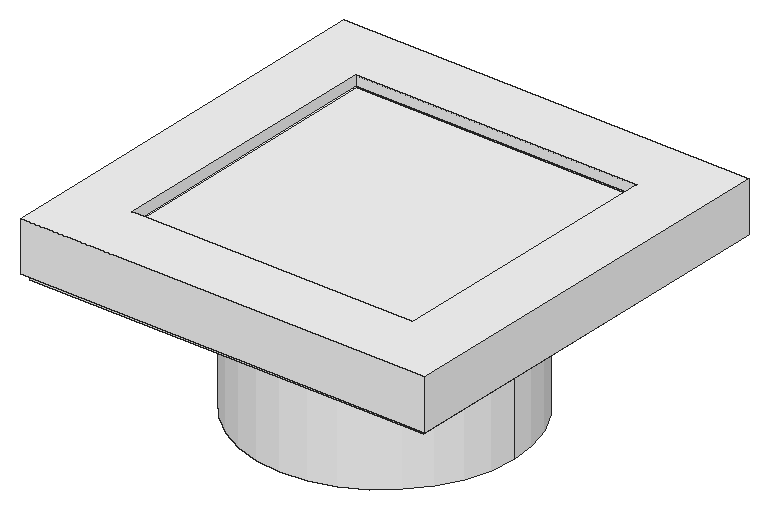
Revit family "Gira_012501", category Electrical Fixtures, host Face, Revit 2017
Family settings
  Host = Face
  Maintain Annotation Orientation = Yes
  Round Connector Dimension = Use Diameter
  Part Type = Normal
  Cut with Voids When Loaded = No
  Shared = No
  Room Calculation Point = No
Parameters (values of type "PB sw. series sw. System 55 cr.white")
  With mounting plate = "No"
  Wiring system = "Series switch"
  White [instance] = White
  Washing machine switch = "No"
  URL = "http://katalog.gira.de/en/datenblatt.html?artikelnr=012501"
  Type of fastening = "Mounting with claw and screw"
  Surface protection = "Other"
  Surface finishing = "Glossy"
  Suitable for degree of protection (IP) = "IP20"
  Rated current = "10"
  RAL-number (akin) = "1013"
  Push button switch = "Yes"
  Number of rockers = "2"
  Number of modules (module system) = "1"
  Nominal voltage = "250"
  Name = "PB sw. series sw. System 55 cr.white"
  Mounting method = "Flush mounted (plaster)"
  Model = "Sys55_Komplettgerät_Schalten und Tasten"
  Method of operation = "Rocker/button"
  Material quality = "Thermoplastic"
  Material = "Plastic"
  Manufacturer URL = "https://www.gira.de/"
  Manufacturer = "Gira"
  Label space/information surface = "No"
  Illumination = "No"
  HeinzeBIM = "https://bimportal.heinze.de/bim/pb-sw-series-sw-system-55-cr-white/34deb3200e05a440972c670379ab1e5868ccb840"
  Halogen free = "Yes"
  HAN = "012501"
  GTIN = "4010337125013"
  Feedback-signal contact = "No"
  Description = ""
  Default Elevation = 1219.2 mm
  Data sheet (1) = "https://katalog.gira.de/en/download.html?artikelnr=012501"
  Connection type = "Plug clamp"
  Colour = "Cream white (electro white)"
  Category = "Switch"
  BIM (1) = "https://media.stage.bim.site/public/gira/36a6b08/Sys55_Komplettgerät_Schalten und Tasten.rfa?public/gira/36a6b08/Sys55_Komplettgerät_Schalten und Tasten.rfa"
  Available = "No"
  Assembly arrangement = "Basic element with central cover plate"
Reference planes
  plane 1 "Center (Front/Back)": y = 0
  plane 2: z = 0
  plane 3 "Center (Left/Right)": x = 0
Forms (mm)
  Extrusion 1, solid, material "White" <- "White", detail levels medium
    sketch origin (0, 0, 0) x (1, 0, 0) y (0, 1, 0)
      loop
        line (-40.4, 40.4) -> (-40.4, -40.4) -> (40.4, -40.4) -> (40.4, 40.4) -> (-40.4, 40.4)
      loop
        line (-28, 28) -> (-28, -28) -> (28, -28) -> (28, 28) -> (-28, 28)
    from 0 to 10
  Extrusion 2, solid, material "White" <- "White", detail levels fine
    sketch origin (0, 0, 0) x (1, 0, 0) y (0, 1, 0)
      loop
        line (-40.4, 40.4) -> (-40.4, -40.4) -> (40.4, -40.4) -> (40.4, 40.4) -> (-40.4, 40.4)
      loop
        line (-28, 28) -> (-28, -28) -> (28, -28) -> (28, 28) -> (-28, 28)
    from 0 to 10
  Extrusion 3, void
    sketch origin (0, 0, 0) x (1, 0, 0) y (0, 1, 0)
      loop
        line (-38.4, 38.4) -> (-38.4, -38.4) -> (38.4, -38.4) -> (38.4, 38.4) -> (-38.4, 38.4)
    from 0 to 8
  Extrusion 4, solid, material "White" <- "White", detail levels medium+fine
    sketch origin (0, 0, 0) x (1, 0, 0) y (0, 1, 0)
      loop
        line (-39.4, 39.4) -> (-39.4, -39.4) -> (39.4, -39.4) -> (39.4, 39.4) -> (-39.4, 39.4)
    from 0 to -1
  Extrusion 5, solid, material "White" <- "White", detail levels medium+fine
    sketch origin (0, 0, 0) x (1, 0, 0) y (0, 1, 0)
      loop
        line (-35.5, 35.5) -> (-35.5, -35.5) -> (35.5, -35.5) -> (35.5, 35.5) -> (-35.5, 35.5)
    from -2 to -3
  Extrusion 6, solid, material "White" <- "White", detail levels medium+fine
    sketch origin (0, 0, 0) x (1, 0, 0) y (0, 1, 0)
      loop
        circle (0, 0) r 26
    from 0 to -27.5
  Extrusion 7, solid, material "White" <- "White", detail levels coarse
    sketch origin (0, 0, 0) x (1, 0, 0) y (0, 1, 0)
      loop
        line (-40.4, 40.4) -> (-40.4, -40.4) -> (40.4, -40.4) -> (40.4, 40.4) -> (-40.4, 40.4)
    from -27.5 to 10
Cuts and joins
  Extrusion 3 cuts Extrusion 2
Dimensions and locks
  aligned and locked: plane 2 to host face
  aligned and locked: level to host face
  aligned and locked: plane 3 "Center (Left/Right)" to nested 2
  aligned and locked: plane 1 "Center (Front/Back)" to nested 2
Nested families
  nested 1: "Sys55_Abdeckung_Schalten und Tasten_floor_base" at (0, 0, 0), type "Sys55_Abdeckung_Schalten und Tasten_floor_base"
  nested 2: "Schalter" at (0, 0, 0), type "Schalter"
Connectors
  electrical at (0, 0, -27.5)
    settings: on Extrusion 6, index 1, voltage 220 V, apparent load 0 VA, apparent load phase1 0 VA, apparent load phase2 0 VA, apparent load phase3 0 VA, power factor 1, load classification "Other", number of poles 1, system type 30, power factor state 1, is connector primary yes, connector utility no, sub classification motor no, connector description ""
Definition of nested family "Sys55_Abdeckung_Schalten und Tasten_floor_base"
  Parameters
    Default Elevation = 1219.2 mm
    White [instance] = none
  Reference planes
    plane 1 "Center (Front/Back)": y = 0
    plane 2: z = 0
    plane 3 "Center (Left/Right)": x = 0
  Forms (mm)
    Extrusion 1, solid
      sketch origin (0, 0, 0) x (1, 0, 0) y (0, 1, 0)
        loop
          line (-1219.2, 1219.2) -> (-1219.2, -1219.2) -> (1219.2, -1219.2) -> (1219.2, 1219.2) -> (-1219.2, 1219.2)
      from 0 to -304.8
    Extrusion 2, solid, material <- "White", detail levels fine
      sketch origin (0, 0, 0) x (1, 0, 0) y (0, 1, 0)
        loop
          line (-27.5, 27.5) -> (-27.5, -27.5) -> (27.5, -27.5) -> (27.5, 27.5) -> (-27.5, 27.5)
      from 0 to 8
    Extrusion 3, void
      sketch origin (0, 0, 0) x (1, 0, 0) y (0, 1, 0)
        loop
          line (26, 26) -> (-26, 26) -> (-26, -26) -> (26, -26) -> (26, 26)
      from 0 to 6
    Extrusion 4, solid, material <- "White", detail levels medium
      sketch origin (0, 0, 0) x (1, 0, 0) y (0, 1, 0)
        loop
          line (-27.5, 27.5) -> (-27.5, -27.5) -> (27.5, -27.5) -> (27.5, 27.5) -> (-27.5, 27.5)
      from 0 to 8
    Extrusion 5, solid, material <- "White", detail levels medium
      sketch origin (0, 0, 0) x (1, 0, 0) y (0, 1, 0)
        loop
          line (11, -17.5) -> (11, 17.5) -> (-11, 17.5) -> (-11, -17.5) -> (11, -17.5)
      from -6 to 6
    Extrusion 6, solid, material <- "White", detail levels fine
      sketch origin (0, 0, 0) x (1, 0, 0) y (0, 1, 0)
        loop
          line (11, 17.5) -> (-11, 17.5) -> (-11, 16.5) -> (11, 16.5) -> (11, 17.5)
        loop
          line (-11, -16.5) -> (-11, -17.5) -> (11, -17.5) -> (11, -16.5) -> (-11, -16.5)
      from -4 to 6
    Extrusion 7, solid, material <- "White", detail levels fine
      sketch origin (0, 0, 0) x (1, 0, 0) y (0, 1, 0)
        loop
          arc (5, 9.347) -> (0, 10.6) -> (-5, 9.347) r 10.6
          line (-5, 9.347) -> (-5, -9.347)
          arc (-5, -9.347) -> (0, -10.6) -> (5, -9.347) r 10.6
          line (5, -9.347) -> (5, 9.347)
      from -6 to 6
    Extrusion 8, solid, material <- "White", detail levels coarse
      sketch origin (0, 0, 0) x (1, 0, 0) y (0, 1, 0)
        loop
          line (-27.5, 27.5) -> (-27.5, -27.5) -> (27.5, -27.5) -> (27.5, 27.5) -> (-27.5, 27.5)
      from -6 to 8
  Cuts and joins
    Extrusion 3 cuts Extrusion 2
  Dimensions and locks
    aligned and locked: plane 2 to Extrusion 1
    aligned and locked: level to Extrusion 1
Definition of nested family "Schalter"
  Reference planes
    plane 1: y = 0
    plane 2: x = 0
  Lines and regions (mm)
    detail lines
      curve 1: circle (1.375, 2.778, 0) r 0.8 normal (0, 0, 1)
      curve 2: line (1.021, 2.061, 0) -> (0, 0, 0)
      curve 3: line (0, 0, 0) -> (-0.538, 0.266, 0)
  Dimensions and locks
    curve 2 to curve 2 = 2.3 mm
    curve 3 to curve 2 = 0.6 mm
    radius of curve 1 = 0.8 mm
